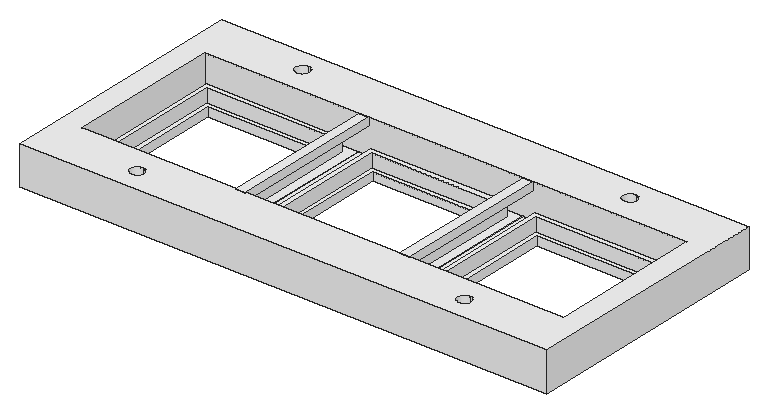
Revit family "Gira_021365", category Electrical Fixtures, host Face, Revit 2017
Family settings
  Host = Face
  Maintain Annotation Orientation = No
  Round Connector Dimension = Use Diameter
  Part Type = Normal
  Cut with Voids When Loaded = No
  Shared = No
  Room Calculation Point = No
Parameters (values of type "Abdeckrahmen 3f Gira TX_44 (WG UP) F Alu")
  Werkstoffgüte = "Thermoplast"
  Werkstoff = "Kunststoff"
  URL = "http://katalog.gira.de/de_DE/datenblatt.html?artikelnr=021365"
  Transparent = "No"
  Textfeld/Beschriftungsfläche = "No"
  Schutzart (IP) = "IP44"
  Region = "DE"
  Oberfläche = "lackiert"
  Name = "Abdeckrahmen 3f Gira TX_44 (WG UP) F Alu"
  Montagerichtung = "horizontal und vertikal"
  Mit Montagerahmen = "No"
  Mit Klappdeckel = "No"
  Manufacturer URL = "https://www.gira.de/"
  Keynote = "TX44_Rahmen_3fach"
  HeinzeBIM = "https://bimportal.heinze.de/bim/abdeckrahmen-3f-gira-tx-44-wg-up-f-alu/600ded14dd5e6ab96e8e87bacb038244e377c9d3"
  Halogenfrei = "No"
  HAN = "021365"
  Geeignet für Unterputz-Installation = "Yes"
  Geeignet für Unterflurkanaldose = "No"
  Geeignet für Geräteeinbaukanal = "No"
  Geeignet für Einbauinstallation = "No"
  GTIN = "4010337213659"
  Farbe = "aluminium"
  Default Elevation = 1219.2 mm
  Data sheet (1) = "https://katalog.gira.de/de_DE/download.html?artikelnr=021365"
  Category = "Abdeckrahmen"
  Befestigungsart = "Klemmbefestigung"
  Available = "Yes"
  Anzahl der Einheiten vertikal = "3 "
  Anzahl der Einheiten horizontal = "3 "
  Anzahl der Einheiten = "3 "
Reference planes
  plane 1 "Center (Front/Back)": y = 0
  plane 2: z = 0
  plane 3 "Center (Left/Right)": x = 0
  plane 4: x = -33.75
  plane 5: x = -37.75
  plane 6: x = 114.5
Forms (mm)
  Extrusion 1, solid, material "White", detail levels fine
    sketch origin (-71.591, 0, 0) x (0, -1, 0) y (1, 0, 0)
      loop
        line (-54.959, 186.091) -> (-54.959, -42.909) -> (54.959, -42.909) -> (54.959, 186.091) -> (-54.959, 186.091)
      loop
        line (-33.5, -33.5) -> (33.5, -33.5) -> (33.5, 176.683) -> (-33.5, 176.683) -> (-33.5, -33.5)
      loop
        circle (-45, -0.006) r 3
      loop
        circle (44.992, 0.001) r 3
      loop
        circle (-45, 142.594) r 3
      loop
        circle (44.992, 142.601) r 3
    from 0 to 16.9
  Extrusion 2, solid, material "White", detail levels fine
    sketch origin (-71.591, 0, 0) x (0, -1, 0) y (1, 0, 0)
      loop
        line (-25.5, 25.5) -> (-25.5, -25.5) -> (25.5, -25.5) -> (25.5, 25.5) -> (-25.5, 25.5)
      loop
        line (-33.5, 33.5) -> (-33.5, -33.5) -> (33.5, -33.5) -> (33.5, 33.5) -> (-33.5, 33.5)
    from -1.6 to 2
  Extrusion 3, solid, material "White", detail levels fine
    sketch origin (-71.591, 0, 0) x (0, -1, 0) y (1, 0, 0)
      loop
        line (-27.5, 27.5) -> (-27.5, -27.5) -> (27.5, -27.5) -> (27.5, 27.5) -> (-27.5, 27.5)
      loop
        line (-29.5, 29.5) -> (-29.5, -29.5) -> (29.5, -29.5) -> (29.5, 29.5) -> (-29.5, 29.5)
    from 2 to 7.8
  Extrusion 4, solid, material "White", detail levels coarse+medium
    sketch origin (-71.591, 0, 0) x (0, -1, 0) y (1, 0, 0)
      loop
        line (-54.959, 186.091) -> (-54.959, -42.909) -> (54.959, -42.909) -> (54.959, 186.091) -> (-54.959, 186.091)
    from -1.6 to 16.9
  Extrusion 5, solid, material "White", detail levels fine
    sketch origin (0.091, 0, 0) x (0, -1, 0) y (1, 0, 0)
      loop
        line (-25.5, 25.5) -> (-25.5, -25.5) -> (25.5, -25.5) -> (25.5, 25.5) -> (-25.5, 25.5)
      loop
        line (-33.5, 33.5) -> (-33.5, -33.5) -> (33.5, -33.5) -> (33.5, 33.5) -> (-33.5, 33.5)
    from -1.6 to 2
  Extrusion 6, solid, material "White", detail levels fine
    sketch origin (0.091, 0, 0) x (0, -1, 0) y (1, 0, 0)
      loop
        line (-27.5, 27.5) -> (-27.5, -27.5) -> (27.5, -27.5) -> (27.5, 27.5) -> (-27.5, 27.5)
      loop
        line (-29.5, 29.5) -> (-29.5, -29.5) -> (29.5, -29.5) -> (29.5, 29.5) -> (-29.5, 29.5)
    from 2 to 7.8
  Extrusion 7, solid, material "White", detail levels fine
    sketch origin (-71.591, 0, 0) x (0, -1, 0) y (1, 0, 0)
      loop
        line (-33.5, 38.183) -> (-33.5, 33.5) -> (33.5, 33.5) -> (33.5, 38.183) -> (-33.5, 38.183)
    from 0 to 2
  Extrusion 8, solid, material "White", detail levels fine
    sketch origin (-71.591, 0, 0) x (0, -1, 0) y (1, 0, 0)
      loop
        line (-33.5, 37.841) -> (-33.5, 33.841) -> (33.5, 33.841) -> (33.5, 37.841) -> (-33.5, 37.841)
    from 13.4 to 16.9
  Extrusion 9, solid, material "White", detail levels fine
    sketch origin (71.591, 0, 0) x (0, -1, 0) y (1, 0, 0)
      loop
        line (-25.5, 25.5) -> (-25.5, -25.5) -> (25.5, -25.5) -> (25.5, 25.5) -> (-25.5, 25.5)
      loop
        line (-33.5, 33.5) -> (-33.5, -33.5) -> (33.5, -33.5) -> (33.5, 33.5) -> (-33.5, 33.5)
    from -1.6 to 2
  Extrusion 10, solid, material "White", detail levels fine
    sketch origin (71.591, 0, 0) x (0, -1, 0) y (1, 0, 0)
      loop
        line (-27.5, 27.5) -> (-27.5, -27.5) -> (27.5, -27.5) -> (27.5, 27.5) -> (-27.5, 27.5)
      loop
        line (-29.5, 29.5) -> (-29.5, -29.5) -> (29.5, -29.5) -> (29.5, 29.5) -> (-29.5, 29.5)
    from 2 to 7.8
  Extrusion 11, solid, material "White", detail levels fine
    sketch origin (-0.091, 0, 0) x (0, -1, 0) y (1, 0, 0)
      loop
        line (-33.5, 38.183) -> (-33.5, 33.683) -> (33.5, 33.683) -> (33.5, 38.183) -> (-33.5, 38.183)
    from 0 to 2
  Extrusion 12, solid, material "White", detail levels fine
    sketch origin (-0.091, 0, 0) x (0, -1, 0) y (1, 0, 0)
      loop
        line (-33.5, 37.841) -> (-33.5, 33.841) -> (33.5, 33.841) -> (33.5, 37.841) -> (-33.5, 37.841)
    from 13.4 to 16.9
Dimensions and locks
  aligned and locked: plane 2 to host face
  aligned and locked: level to host face
